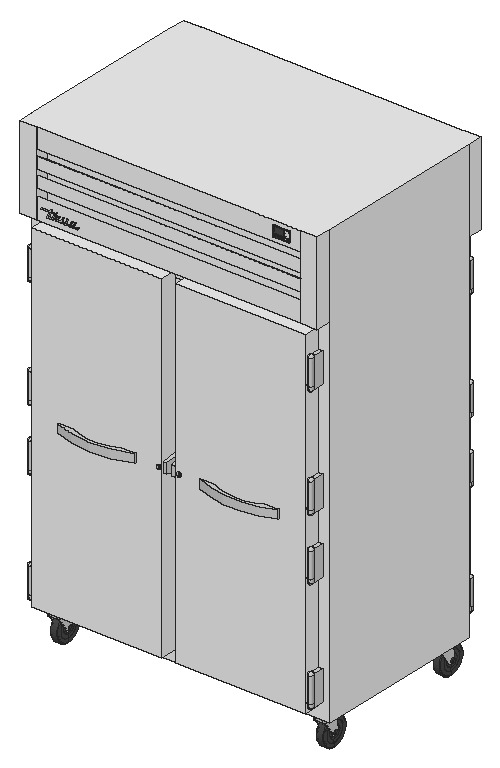
Revit family (continued)
Lines and regions (in)
  symbolic lines
    curve 29: arc (9.29375, 0, 0) -> (13.69375, 1.15816, 0) -> (18.09375, 0, 0) r 8.93715
    curve 30: arc (32.0375, 0.2, 0) -> (38.8375, 1.64405, 0) -> (45.6375, 0.2, 0) r 16.7325
    curve 31: line (32.0375, 0, 0) -> (32.0375, 0.2, 0)
    curve 32: line (45.6375, 0.2, 0) -> (45.6375, 0, 0)
    curve 33: arc (43.2375, 0, 0) -> (38.8375, 1.15816, 0) -> (34.4375, 0, 0) r 8.93715
    curve 38: arc (20.4, -36.325, 0) -> (13.44375, -37.83316, 0) -> (6.4875, -36.325, 0) r 16.7966
    curve 39: line (20.4, -36.125, 0) -> (20.4, -36.325, 0)
    curve 40: line (6.4875, -36.325, 0) -> (6.4875, -36.125, 0)
    curve 41: arc (8.8875, -36.125, 0) -> (13.44375, -37.36111, 0) -> (18, -36.125, 0) r 9.0151
    curve 42: arc (32.1625, -36.325, 0) -> (38.9625, -37.76905, 0) -> (45.7625, -36.325, 0) r 16.7325
    curve 43: line (32.1625, -36.125, 0) -> (32.1625, -36.325, 0)
    curve 44: line (45.7625, -36.325, 0) -> (45.7625, -36.125, 0)
    curve 45: arc (43.3625, -36.125, 0) -> (38.9625, -37.28316, 0) -> (34.5625, -36.125, 0) r 8.93715
    curve 46: line (52.625, -2.25, 0) -> (0, -2.25, 0)
  symbolic lines, style "SpecialityEquipmentHiddenLines", visible <- "Show Casters"
    curve 6: line (3.60602, -26.67571, 0) -> (5.06131, -27.42571, 0)
    curve 7: line (1.20097, -31.34243, 0) -> (3.60602, -26.67571, 0)
    curve 8: line (2.65626, -32.09243, 0) -> (1.20097, -31.34243, 0)
    curve 9: line (5.06131, -27.42571, 0) -> (2.65626, -32.09243, 0)
    curve 10: line (3.98222, -3.1708, 0) -> (5.43751, -4.09689, 0)
    curve 11: line (1.20097, -7.54134, 0) -> (3.98222, -3.1708, 0)
    curve 12: line (2.65626, -8.46743, 0) -> (1.20097, -7.54134, 0)
    curve 13: line (5.43751, -4.09689, 0) -> (2.65626, -8.46743, 0)
    curve 14: line (50.00722, -3.1708, 0) -> (51.30626, -3.9208, 0)
    curve 15: line (47.38222, -7.71743, 0) -> (50.00722, -3.1708, 0)
    curve 16: line (48.68126, -8.46743, 0) -> (47.38222, -7.71743, 0)
    curve 17: line (51.30626, -3.9208, 0) -> (48.68126, -8.46743, 0)
    curve 18: line (50.00722, -26.89987, 0) -> (51.30626, -27.64987, 0)
    curve 19: line (47.38222, -31.44651, 0) -> (50.00722, -26.89987, 0)
    curve 20: line (48.68126, -32.19651, 0) -> (47.38222, -31.44651, 0)
    curve 21: line (51.30626, -27.64987, 0) -> (48.68126, -32.19651, 0)
  symbolic lines, style "QF-Door Swings", visible <- "Show Clearance", detail levels coarse
    curve 22: line (50.53125, -36.125, 0) -> (50.53125, -59.0625, 0)
    curve 23: arc (50.53125, -59.0625, 0) -> (34.31199, -52.34426, 0) -> (27.59375, -36.125, 0) r 22.9375
    curve 24: line (2.25, -36.125, 0) -> (2.25, -59.0625, 0)
    curve 25: arc (2.25, -59.0625, 0) -> (18.46926, -52.34426, 0) -> (25.1875, -36.125, 0) r 22.9375
    curve 34: line (50.53125, 0, 0) -> (50.53125, 22.9375, 0)
    curve 35: arc (50.53125, 22.9375, 0) -> (34.31199, 16.21926, 0) -> (27.59375, 0, 0) r 22.9375
    curve 36: line (2.25, 0, 0) -> (2.25, 22.9375, 0)
    curve 37: arc (2.25, 22.9375, 0) -> (18.46926, 16.21926, 0) -> (25.1875, 0, 0) r 22.9375
Dimensions and locks (in)
  "Depth": plane 5 "FRONT" to plane 1 "BACK"
  plane 7 to level = 6 1/8"
  plane 6 "TOP" to level = 84 1/8"
  plane 6 "TOP" to plane 7 = 78"
  "Length": plane 3 "LEFT" to plane 4 "RIGHT"
  plane 4 "RIGHT" to plane 10 to plane 9 to plane 3 "LEFT" = 2 11/16", 46 15/16", 3"
  plane 4 "RIGHT" to plane 3 "LEFT" = 52 5/8"  (x3)
  equal spacing: plane 3 "LEFT", plane 12, plane 4 "RIGHT"
  equal spacing: plane 1 "BACK", plane 14, plane 5 "FRONT"
  cut or joined group of Extrusion 1, Extrusion 2, Extrusion 3, Extrusion 4, Extrusion 5 to cut or joined group of Extrusion 1, Extrusion 2, Extrusion 3, Extrusion 4, Extrusion 5 = 52 15/32"  (x2)
  Extrusion 92 to Extrusion 92 = 22 15/16"  (x2)
  Extrusion 94 to Extrusion 92 = 29 7/32"
  Extrusion 92 to Extrusion 94 = 29 7/32"
  Extrusion 93 to Extrusion 92 = 29 7/32"
  Extrusion 92 to Extrusion 93 = 29 7/32"
  Extrusion 60 to Extrusion 60 = 22 15/16"  (x2)
  Extrusion 60 to Extrusion 88 = 29 7/32"
  Extrusion 88 to Extrusion 60 = 29 7/32"
  Extrusion 60 to Extrusion 89 = 29 7/32"
  Extrusion 89 to Extrusion 60 = 29 7/32"
  aligned and locked: level to plane 2
Automatic sketch dimensions
  Extrusion 1 sketch curve to plane 3 "LEFT" = 0"
  Extrusion 1 sketch curve to plane 9 = 19/32"
  Extrusion 1 sketch curve to plane 5 "FRONT" = 2 3/4"
  plane 1 "BACK" to Extrusion 1 sketch curve = 2 3/4"
  Extrusion 2 sketch curve to plane 4 "RIGHT" = 0"
  plane 10 to Extrusion 2 sketch curve = 7/16"
  Extrusion 2 sketch curve to plane 5 "FRONT" = 2 3/4"
  plane 1 "BACK" to Extrusion 2 sketch curve = 2 3/4"
  Extrusion 3 sketch curve to plane 11 = 0"  (x4)
  Extrusion 3 sketch curve to plane 13 = 0"  (x4)
  Extrusion 3 sketch curve to plane 6 "TOP" = 0"
  plane 11 to Extrusion 3 sketch curve = 2.2042"
  Extrusion 3 sketch curve to Extrusion 3 sketch curve = 0"  (x3)
  Extrusion 3 sketch curve to plane 7 = 0"
  plane 11 to Extrusion 3 sketch curve = 2.7042"  (x2)
  plane 13 to Extrusion 3 sketch curve = 2.7042"  (x2)
  plane 13 to Extrusion 3 sketch curve = 2.2042"  (x2)
  plane 7 to Extrusion 3 sketch curve = 2 29/32"
  Extrusion 3 sketch curve to plane 6 "TOP" = 17 5/32"
  Extrusion 3 sketch curve to Extrusion 3 sketch curve = 2 17/32"  (x2)
  Extrusion 3 sketch curve to Extrusion 3 sketch curve = 2 1/8"  (x2)
  Extrusion 3 sketch curve to Extrusion 3 sketch curve = 1.27557"  (x4)
  Extrusion 3 sketch curve to Extrusion 3 sketch curve = 0.29169"  (x2)
  Extrusion 3 sketch curve to Extrusion 3 sketch curve = 2.0962"  (x4)
  Extrusion 3 sketch curve to Extrusion 3 sketch curve = 0.96076"  (x4)
  Extrusion 3 sketch curve to Extrusion 3 sketch curve = 2.13371"  (x4)
  Extrusion 3 sketch curve to Extrusion 3 sketch curve = 1.12227"  (x4)
  plane 1 "BACK" to Extrusion 4 sketch curve = 0"
  plane 5 "FRONT" to Extrusion 4 sketch curve = 0"
  Extrusion 4 sketch curve to plane 10 = 0.27718"  (x2)
  Extrusion 4 sketch curve to plane 4 "RIGHT" = 5/64"  (x2)
  Extrusion 4 sketch curve to plane 5 "FRONT" = 2 3/4"
  Extrusion 4 sketch curve to Extrusion 4 sketch curve = 2 3/4"
  plane 1 "BACK" to Extrusion 5 sketch curve = 0"
  plane 5 "FRONT" to Extrusion 5 sketch curve = 0"
  plane 3 "LEFT" to Extrusion 5 sketch curve = 5/64"  (x2)
  plane 9 to Extrusion 5 sketch curve = 0.08484"  (x2)
  Extrusion 5 sketch curve to plane 5 "FRONT" = 2 3/4"
  Extrusion 5 sketch curve to Extrusion 5 sketch curve = 2 3/4"
  Extrusion 6 sketch curve to plane 12 = 1 181/256"
  Extrusion 6 sketch curve to Extrusion 6 sketch curve = 9/256"
  Extrusion 6 sketch curve to Extrusion 6 sketch curve = 0.0555"  (x2)
  Extrusion 6 sketch curve to plane 8 = 1.85465"
  Extrusion 6 sketch curve to Extrusion 6 sketch curve = 0.02035"
  plane 7 to Extrusion 6 sketch curve = 31.64395"
  Extrusion 6 sketch curve to Extrusion 6 sketch curve = 0"
  Extrusion 6 sketch curve to Extrusion 6 sketch curve = 0.29355"  (x2)
  Extrusion 6 sketch curve to Extrusion 6 sketch curve = 0.27385"  (x2)
  plane 9 to Extrusion 7 sketch curve = 0.84582"
  Extrusion 7 sketch curve to Extrusion 7 sketch curve = 0.10565"  (x5)
  Extrusion 7 sketch curve to Extrusion 7 sketch curve = 1.03891"
  Extrusion 7 sketch curve to Extrusion 7 sketch curve = 0.04606"
  Extrusion 7 sketch curve to Extrusion 7 sketch curve = 0.04025"
  Extrusion 7 sketch curve to Extrusion 7 sketch curve = 0.33624"
  Extrusion 7 sketch curve to Extrusion 7 sketch curve = 0.03034"  (x2)
  Extrusion 7 sketch curve to Extrusion 7 sketch curve = 0.29274"
  Extrusion 7 sketch curve to Extrusion 7 sketch curve = 0.03232"
  Extrusion 7 sketch curve to Extrusion 7 sketch curve = 0.08083"
  Extrusion 7 sketch curve to Extrusion 7 sketch curve = 0.1527"
  Extrusion 7 sketch curve to Extrusion 7 sketch curve = 0.19721"
  Extrusion 7 sketch curve to Extrusion 7 sketch curve = 0.4629"
  Extrusion 7 sketch curve to Extrusion 7 sketch curve = 0.02197"
  Extrusion 7 sketch curve to Extrusion 7 sketch curve = 0.12632"
  Extrusion 7 sketch curve to Extrusion 7 sketch curve = 0.18591"
  Extrusion 7 sketch curve to Extrusion 7 sketch curve = 0.2322"
  Extrusion 7 sketch curve to Extrusion 7 sketch curve = 0.13786"
  Extrusion 7 sketch curve to Extrusion 7 sketch curve = 0.00907"
  Extrusion 7 sketch curve to Extrusion 7 sketch curve = 0.01413"
  Extrusion 7 sketch curve to Extrusion 7 sketch curve = 0.37162"
  Extrusion 7 sketch curve to Extrusion 7 sketch curve = 0.12551"
  Extrusion 7 sketch curve to Extrusion 7 sketch curve = 0.07633"
  Extrusion 7 sketch curve to Extrusion 7 sketch curve = 0.08445"
  Extrusion 7 sketch curve to Extrusion 7 sketch curve = 0.25598"
  Extrusion 7 sketch curve to Extrusion 7 sketch curve = 0.01887"
  Extrusion 7 sketch curve to Extrusion 7 sketch curve = 0.04061"
  Extrusion 7 sketch curve to Extrusion 7 sketch curve = 0.0653"
  Extrusion 7 sketch curve to Extrusion 7 sketch curve = 0.08474"
  Extrusion 7 sketch curve to Extrusion 7 sketch curve = 0.00815"
  Extrusion 7 sketch curve to Extrusion 7 sketch curve = 0.22037"
  Extrusion 7 sketch curve to Extrusion 7 sketch curve = 0.21921"
  Extrusion 7 sketch curve to Extrusion 7 sketch curve = 0.11572"
  Extrusion 7 sketch curve to Extrusion 7 sketch curve = 0.46643"
  Extrusion 7 sketch curve to Extrusion 7 sketch curve = 0.00535"
  Extrusion 7 sketch curve to Extrusion 7 sketch curve = 0.09269"
  Extrusion 7 sketch curve to Extrusion 7 sketch curve = 0.09348"
  Extrusion 7 sketch curve to Extrusion 7 sketch curve = 0.14812"
  Extrusion 7 sketch curve to Extrusion 7 sketch curve = 0.07778"  (x3)
  Extrusion 7 sketch curve to Extrusion 7 sketch curve = 0.20054"
  Extrusion 7 sketch curve to Extrusion 7 sketch curve = 0.04325"
  Extrusion 7 sketch curve to Extrusion 7 sketch curve = 0.32433"
  Extrusion 7 sketch curve to Extrusion 7 sketch curve = 0.10233"  (x2)
  Extrusion 7 sketch curve to Extrusion 7 sketch curve = 0.16515"
  Extrusion 7 sketch curve to Extrusion 7 sketch curve = 0.27321"
  Extrusion 7 sketch curve to Extrusion 7 sketch curve = 0.0526"
  Extrusion 7 sketch curve to Extrusion 7 sketch curve = 0.10005"
  Extrusion 7 sketch curve to Extrusion 7 sketch curve = 0.06912"
  Extrusion 7 sketch curve to Extrusion 7 sketch curve = 0.13276"
  Extrusion 7 sketch curve to Extrusion 7 sketch curve = 0.17486"
  Extrusion 7 sketch curve to Extrusion 7 sketch curve = 0.05291"
  Extrusion 7 sketch curve to Extrusion 7 sketch curve = 0.53374"
  Extrusion 7 sketch curve to Extrusion 7 sketch curve = 0.09914"  (x2)
  Extrusion 7 sketch curve to Extrusion 7 sketch curve = 0.15992"
  Extrusion 7 sketch curve to Extrusion 7 sketch curve = 0.46666"
  Extrusion 7 sketch curve to Extrusion 7 sketch curve = 0.00582"
  Extrusion 7 sketch curve to Extrusion 7 sketch curve = 0.08216"
  Extrusion 7 sketch curve to Extrusion 7 sketch curve = 0.16397"
  Extrusion 7 sketch curve to Extrusion 7 sketch curve = 0.12601"
  Extrusion 7 sketch curve to Extrusion 7 sketch curve = 0.1363"
  Extrusion 7 sketch curve to Extrusion 7 sketch curve = 0.02323"
  Extrusion 7 sketch curve to Extrusion 7 sketch curve = 0.03844"
  Extrusion 7 sketch curve to Extrusion 7 sketch curve = 0.0454"
  Extrusion 7 sketch curve to Extrusion 7 sketch curve = 0.05693"
  Extrusion 7 sketch curve to Extrusion 7 sketch curve = 0.0917"
  Extrusion 7 sketch curve to Extrusion 7 sketch curve = 0.01902"
  Extrusion 7 sketch curve to Extrusion 7 sketch curve = 0.02191"
  Extrusion 7 sketch curve to Extrusion 7 sketch curve = 0.0347"
  Extrusion 7 sketch curve to Extrusion 7 sketch curve = 0.06385"
  Extrusion 7 sketch curve to Extrusion 7 sketch curve = 0.02906"
  Extrusion 7 sketch curve to Extrusion 7 sketch curve = 0.02851"
  Extrusion 7 sketch curve to Extrusion 7 sketch curve = 0.29237"
  Extrusion 7 sketch curve to Extrusion 7 sketch curve = 0.00537"
  Extrusion 7 sketch curve to Extrusion 7 sketch curve = 0.0406"
  Extrusion 7 sketch curve to Extrusion 7 sketch curve = 0.04327"
  Extrusion 7 sketch curve to Extrusion 7 sketch curve = 0.02615"
  Extrusion 7 sketch curve to Extrusion 7 sketch curve = 0.11806"
  Extrusion 7 sketch curve to Extrusion 7 sketch curve = 0.15103"
  Extrusion 7 sketch curve to Extrusion 7 sketch curve = 0.10007"
  Extrusion 7 sketch curve to Extrusion 7 sketch curve = 0.5254"
  Extrusion 7 sketch curve to Extrusion 7 sketch curve = 0.14787"
  Extrusion 7 sketch curve to plane 6 "TOP" = 13.64562"
  Extrusion 7 sketch curve to Extrusion 7 sketch curve = 0.07275"
  Extrusion 7 sketch curve to Extrusion 7 sketch curve = 0.05776"
  Extrusion 7 sketch curve to Extrusion 7 sketch curve = 0.08631"
  Extrusion 7 sketch curve to Extrusion 7 sketch curve = 0.09282"
  Extrusion 7 sketch curve to Extrusion 7 sketch curve = 0.13018"
  Extrusion 7 sketch curve to Extrusion 7 sketch curve = 0.16714"
  Extrusion 7 sketch curve to Extrusion 7 sketch curve = 0.11061"
  Extrusion 7 sketch curve to Extrusion 7 sketch curve = 0.06046"
  Extrusion 7 sketch curve to Extrusion 7 sketch curve = 0.16548"
  Extrusion 7 sketch curve to Extrusion 7 sketch curve = 0.14279"
  Extrusion 7 sketch curve to Extrusion 7 sketch curve = 0.0496"
  Extrusion 7 sketch curve to Extrusion 7 sketch curve = 0.07293"
  Extrusion 7 sketch curve to Extrusion 7 sketch curve = 0.07764"
  Extrusion 7 sketch curve to Extrusion 7 sketch curve = 0.03794"
  Extrusion 7 sketch curve to Extrusion 7 sketch curve = 0.08552"
  Extrusion 7 sketch curve to Extrusion 7 sketch curve = 0.09296"
  Extrusion 7 sketch curve to Extrusion 7 sketch curve = 0.09314"
  Extrusion 7 sketch curve to Extrusion 7 sketch curve = 0.02781"
  Extrusion 7 sketch curve to Extrusion 7 sketch curve = 0.04981"
  Extrusion 7 sketch curve to Extrusion 7 sketch curve = 0.09315"
  Extrusion 7 sketch curve to Extrusion 7 sketch curve = 0.04799"
  Extrusion 7 sketch curve to Extrusion 7 sketch curve = 0.02531"
  Extrusion 7 sketch curve to Extrusion 7 sketch curve = 0.03054"
  Extrusion 7 sketch curve to Extrusion 7 sketch curve = 0.2589"
  Extrusion 7 sketch curve to Extrusion 7 sketch curve = 0.0674"
  Extrusion 7 sketch curve to Extrusion 7 sketch curve = 0.0324"
  Extrusion 7 sketch curve to Extrusion 7 sketch curve = 0.26185"
  Extrusion 7 sketch curve to Extrusion 7 sketch curve = 11/256"
  Extrusion 7 sketch curve to Extrusion 7 sketch curve = 0.07366"
  Extrusion 7 sketch curve to Extrusion 7 sketch curve = 0.02187"
  Extrusion 7 sketch curve to Extrusion 7 sketch curve = 0.06479"
  Extrusion 7 sketch curve to Extrusion 7 sketch curve = 0.01183"
  Extrusion 7 sketch curve to Extrusion 7 sketch curve = 0.05778"
  Extrusion 7 sketch curve to Extrusion 7 sketch curve = 0.53375"
  Extrusion 7 sketch curve to Extrusion 7 sketch curve = 0.23098"
  Extrusion 7 sketch curve to Extrusion 7 sketch curve = 0"
  Extrusion 7 sketch curve to Extrusion 7 sketch curve = 0.05045"
  Extrusion 7 sketch curve to Extrusion 7 sketch curve = 0.09139"
  Extrusion 7 sketch curve to Extrusion 7 sketch curve = 29/128"  (x3)
  Extrusion 8 sketch curve to plane 10 = 13/32"
  Extrusion 8 sketch curve to plane 6 "TOP" = 2 1/8"
  Blend 9 sketch curve to plane 12 = 1 1/8"  (x2)
  Blend 9 sketch curve to plane 12 = 3/8"
  plane 7 to Blend 9 sketch curve = 31.11669"
  Blend 9 sketch curve to Blend 9 sketch curve = 1 3/4"
  Blend 9 sketch curve to plane 12 = 0.19277"
  plane 7 to Blend 9 sketch curve = 30.5191"
  Blend 9 sketch curve to Blend 9 sketch curve = 2.78233"
  Blend 10 sketch curve to plane 8 = 1 9/32"
  Blend 10 sketch curve to plane 8 = 17/32"
  plane 7 to Blend 10 sketch curve = 32.86669"
  Blend 10 sketch curve to Blend 10 sketch curve = 1 3/4"
  plane 8 to Blend 10 sketch curve = 1 9/32"
  plane 8 to Blend 10 sketch curve = 0.34902"
  Blend 10 sketch curve to plane 7 = 30.5191"
  Blend 10 sketch curve to Blend 10 sketch curve = 2.78233"
  Extrusion 11 sketch curve to plane 5 "FRONT" = 1/2"
  Extrusion 11 sketch curve to Extrusion 11 sketch curve = 0.43503"
  Extrusion 11 sketch curve to Extrusion 11 sketch curve = 0.20453"
  Extrusion 11 sketch curve to Extrusion 11 sketch curve = 1.61044"
  Extrusion 11 sketch curve to plane 6 "TOP" = 24.88873"
  Extrusion 11 sketch curve to Extrusion 11 sketch curve = 0.71221"
  Extrusion 11 sketch curve to Extrusion 11 sketch curve = 4.39928"
  Revolve 12 sketch curve to plane 5 "FRONT" = 0.07771"  (x2)
  Revolve 12 sketch curve to Revolve 12 sketch curve = 0.38242"
  Revolve 12 sketch curve to Revolve 12 sketch curve = 0.38436"
  Revolve 12 sketch curve to plane 5 "FRONT" = 31/64"
  Revolve 12 sketch curve to Revolve 12 sketch curve = 0.40666"
  Revolve 12 sketch curve to Revolve 12 sketch curve = 0"
  Revolve 12 sketch curve to plane 6 "TOP" = 25.07719"
  Revolve 12 sketch curve to Revolve 12 sketch curve = 0.32931"
  Revolve 12 sketch curve to Revolve 12 sketch curve = 0.51246"
  Revolve 12 sketch curve to Revolve 12 sketch curve = 0.05342"
  Revolve 12 sketch curve to Revolve 12 sketch curve = 4.42889"
  Revolve 12 sketch curve to Revolve 12 sketch curve = 0.04281"
  Revolve 12 sketch curve to Revolve 12 sketch curve = 0.18929"
  Revolve 12 sketch curve to Revolve 12 sketch curve = 0.55526"
  Extrusion 13 sketch curve to plane 9 = 1.14759"
  Extrusion 13 sketch curve to Extrusion 13 sketch curve = 0.39759"
  Extrusion 13 sketch curve to plane 6 "TOP" = 24.12421"
  Extrusion 13 sketch curve to Extrusion 13 sketch curve = 4.47281"
  Extrusion 14 sketch curve to plane 5 "FRONT" = 1/2"
  Extrusion 14 sketch curve to Extrusion 14 sketch curve = 0.43503"
  Extrusion 14 sketch curve to Extrusion 14 sketch curve = 0.20453"
  Extrusion 14 sketch curve to Extrusion 14 sketch curve = 1.61044"
  plane 7 to Extrusion 14 sketch curve = 33.61127"
  Extrusion 14 sketch curve to Extrusion 14 sketch curve = 0.71221"
  Extrusion 14 sketch curve to Extrusion 14 sketch curve = 4.39928"
  Revolve 15 sketch curve to plane 5 "FRONT" = 0.07771"  (x2)
  Revolve 15 sketch curve to Revolve 15 sketch curve = 0.38242"
  Revolve 15 sketch curve to Revolve 15 sketch curve = 0.38436"
  Revolve 15 sketch curve to plane 5 "FRONT" = 31/64"
  Revolve 15 sketch curve to Revolve 15 sketch curve = 0.40666"
  Revolve 15 sketch curve to Revolve 15 sketch curve = 0"
  plane 7 to Revolve 15 sketch curve = 33.42281"
  Revolve 15 sketch curve to Revolve 15 sketch curve = 0.32931"
  Revolve 15 sketch curve to Revolve 15 sketch curve = 0.51246"
  Revolve 15 sketch curve to Revolve 15 sketch curve = 0.05342"
  Revolve 15 sketch curve to Revolve 15 sketch curve = 4.42889"
  Revolve 15 sketch curve to Revolve 15 sketch curve = 0.04281"
  Revolve 15 sketch curve to Revolve 15 sketch curve = 0.18929"
  Revolve 15 sketch curve to Revolve 15 sketch curve = 0.55526"
  Extrusion 16 sketch curve to plane 9 = 1.14759"
  Extrusion 16 sketch curve to Extrusion 16 sketch curve = 0.39759"
  plane 7 to Extrusion 16 sketch curve = 34.37579"
  Extrusion 16 sketch curve to Extrusion 16 sketch curve = 4.47281"
  Extrusion 17 sketch curve to plane 5 "FRONT" = 1/2"
  Extrusion 17 sketch curve to Extrusion 17 sketch curve = 0.43503"
  Extrusion 17 sketch curve to Extrusion 17 sketch curve = 0.20453"
  Extrusion 17 sketch curve to Extrusion 17 sketch curve = 1.61044"
  plane 7 to Extrusion 17 sketch curve = 22.61127"
  Extrusion 17 sketch curve to Extrusion 17 sketch curve = 0.71221"
  Extrusion 17 sketch curve to Extrusion 17 sketch curve = 4.39928"
  Revolve 18 sketch curve to plane 5 "FRONT" = 0.07771"  (x2)
  Revolve 18 sketch curve to Revolve 18 sketch curve = 0.38242"
  Revolve 18 sketch curve to Revolve 18 sketch curve = 0.38436"
  Revolve 18 sketch curve to plane 5 "FRONT" = 31/64"
  Revolve 18 sketch curve to Revolve 18 sketch curve = 0.40666"
  Revolve 18 sketch curve to Revolve 18 sketch curve = 0"
  plane 7 to Revolve 18 sketch curve = 22.42281"
  Revolve 18 sketch curve to Revolve 18 sketch curve = 0.32931"
  Revolve 18 sketch curve to Revolve 18 sketch curve = 0.51246"
  Revolve 18 sketch curve to Revolve 18 sketch curve = 0.05342"
  Revolve 18 sketch curve to Revolve 18 sketch curve = 4.42889"
  Revolve 18 sketch curve to Revolve 18 sketch curve = 0.04281"
  Revolve 18 sketch curve to Revolve 18 sketch curve = 0.18929"
  Revolve 18 sketch curve to Revolve 18 sketch curve = 0.55526"
  Extrusion 19 sketch curve to plane 9 = 1.14759"
  Extrusion 19 sketch curve to Extrusion 19 sketch curve = 0.39759"
  plane 7 to Extrusion 19 sketch curve = 23.37579"
  Extrusion 19 sketch curve to Extrusion 19 sketch curve = 4.47281"
  Extrusion 20 sketch curve to plane 5 "FRONT" = 1/2"
  Extrusion 20 sketch curve to Extrusion 20 sketch curve = 0.43503"
  Extrusion 20 sketch curve to Extrusion 20 sketch curve = 0.20453"
  Extrusion 20 sketch curve to Extrusion 20 sketch curve = 1.61044"
  plane 7 to Extrusion 20 sketch curve = 2.86127"
  Extrusion 20 sketch curve to Extrusion 20 sketch curve = 0.71221"
  Extrusion 20 sketch curve to Extrusion 20 sketch curve = 4.39928"
  Revolve 21 sketch curve to plane 5 "FRONT" = 0.07771"  (x2)
  Revolve 21 sketch curve to Revolve 21 sketch curve = 0.38242"
  Revolve 21 sketch curve to Revolve 21 sketch curve = 0.38436"
  Revolve 21 sketch curve to plane 5 "FRONT" = 31/64"
  Revolve 21 sketch curve to Revolve 21 sketch curve = 0.40666"
  Revolve 21 sketch curve to Revolve 21 sketch curve = 0"
  plane 7 to Revolve 21 sketch curve = 2.67281"
  Revolve 21 sketch curve to Revolve 21 sketch curve = 0.32931"
  Revolve 21 sketch curve to Revolve 21 sketch curve = 0.51246"
  Revolve 21 sketch curve to Revolve 21 sketch curve = 0.05342"
  Revolve 21 sketch curve to Revolve 21 sketch curve = 4.42889"
  Revolve 21 sketch curve to Revolve 21 sketch curve = 0.04281"
  Revolve 21 sketch curve to Revolve 21 sketch curve = 0.18929"
  Revolve 21 sketch curve to Revolve 21 sketch curve = 0.55526"
  Extrusion 22 sketch curve to plane 9 = 1.14759"
  Extrusion 22 sketch curve to Extrusion 22 sketch curve = 0.39759"
  plane 7 to Extrusion 22 sketch curve = 3.62579"
  Extrusion 22 sketch curve to Extrusion 22 sketch curve = 4.47281"
  Extrusion 23 sketch curve to plane 5 "FRONT" = 1/2"
  Extrusion 23 sketch curve to Extrusion 23 sketch curve = 0.43503"
  Extrusion 23 sketch curve to Extrusion 23 sketch curve = 0.20453"
  Extrusion 23 sketch curve to Extrusion 23 sketch curve = 1.61044"
  Extrusion 23 sketch curve to plane 6 "TOP" = 19.57271"
  Extrusion 23 sketch curve to Extrusion 23 sketch curve = 4.39928"
  Extrusion 23 sketch curve to Extrusion 23 sketch curve = 0.71221"
  Revolve 24 sketch curve to plane 5 "FRONT" = 0.07771"  (x2)
  Revolve 24 sketch curve to Revolve 24 sketch curve = 0.38242"
  Revolve 24 sketch curve to Revolve 24 sketch curve = 0.38436"
  Revolve 24 sketch curve to plane 5 "FRONT" = 31/64"
  Revolve 24 sketch curve to Revolve 24 sketch curve = 0.40666"
  Revolve 24 sketch curve to Revolve 24 sketch curve = 0"
  Revolve 24 sketch curve to plane 6 "TOP" = 18.75492"
  Revolve 24 sketch curve to Revolve 24 sketch curve = 0.55526"
  Revolve 24 sketch curve to Revolve 24 sketch curve = 0.19474"
  Revolve 24 sketch curve to Revolve 24 sketch curve = 0.14649"
  Revolve 24 sketch curve to Revolve 24 sketch curve = 4.42889"
  Revolve 24 sketch curve to Revolve 24 sketch curve = 0.05342"
  Revolve 24 sketch curve to Revolve 24 sketch curve = 0.51246"
  Revolve 24 sketch curve to Revolve 24 sketch curve = 0.05889"
  plane 10 to Extrusion 25 sketch curve = 1.14759"
  Extrusion 25 sketch curve to Extrusion 25 sketch curve = 0.39759"
  Extrusion 25 sketch curve to plane 6 "TOP" = 19.6514"
  Extrusion 25 sketch curve to Extrusion 25 sketch curve = 4.47281"
  Extrusion 26 sketch curve to plane 5 "FRONT" = 1/2"
  Extrusion 26 sketch curve to Extrusion 26 sketch curve = 0.43503"
  Extrusion 26 sketch curve to Extrusion 26 sketch curve = 0.20453"
  Extrusion 26 sketch curve to Extrusion 26 sketch curve = 1.61044"
  plane 7 to Extrusion 26 sketch curve = 38.92729"
  Extrusion 26 sketch curve to Extrusion 26 sketch curve = 4.39928"
  Extrusion 26 sketch curve to Extrusion 26 sketch curve = 0.71221"
  Revolve 27 sketch curve to plane 5 "FRONT" = 0.07771"  (x2)
  Revolve 27 sketch curve to Revolve 27 sketch curve = 0.38242"
  Revolve 27 sketch curve to Revolve 27 sketch curve = 0.38436"
  Revolve 27 sketch curve to plane 5 "FRONT" = 31/64"
  Revolve 27 sketch curve to Revolve 27 sketch curve = 0.40666"
  Revolve 27 sketch curve to Revolve 27 sketch curve = 0"
  Revolve 27 sketch curve to plane 6 "TOP" = 38.25492"
  Revolve 27 sketch curve to Revolve 27 sketch curve = 0.55526"
  Revolve 27 sketch curve to Revolve 27 sketch curve = 0.19474"
  Revolve 27 sketch curve to Revolve 27 sketch curve = 0.14649"
  Revolve 27 sketch curve to Revolve 27 sketch curve = 4.42889"
  Revolve 27 sketch curve to Revolve 27 sketch curve = 0.05342"
  Revolve 27 sketch curve to Revolve 27 sketch curve = 0.51246"
  Revolve 27 sketch curve to Revolve 27 sketch curve = 0.05889"
  plane 10 to Extrusion 28 sketch curve = 1.14759"
  Extrusion 28 sketch curve to Extrusion 28 sketch curve = 0.39759"
  plane 7 to Extrusion 28 sketch curve = 38.8486"
  Extrusion 28 sketch curve to Extrusion 28 sketch curve = 4.47281"
  Extrusion 29 sketch curve to plane 5 "FRONT" = 1/2"
  Extrusion 29 sketch curve to Extrusion 29 sketch curve = 0.43503"
  Extrusion 29 sketch curve to Extrusion 29 sketch curve = 0.20453"
  Extrusion 29 sketch curve to Extrusion 29 sketch curve = 1.61044"
  plane 7 to Extrusion 29 sketch curve = 27.92729"
  Extrusion 29 sketch curve to Extrusion 29 sketch curve = 4.39928"
  Extrusion 29 sketch curve to Extrusion 29 sketch curve = 0.71221"
  Revolve 30 sketch curve to plane 5 "FRONT" = 0.07771"  (x2)
  Revolve 30 sketch curve to Revolve 30 sketch curve = 0.38242"
  Revolve 30 sketch curve to Revolve 30 sketch curve = 0.38436"
  Revolve 30 sketch curve to plane 5 "FRONT" = 31/64"
  Revolve 30 sketch curve to Revolve 30 sketch curve = 0.40666"
  Revolve 30 sketch curve to Revolve 30 sketch curve = 0"
  plane 7 to Revolve 30 sketch curve = 28.74508"
  Revolve 30 sketch curve to Revolve 30 sketch curve = 0.55526"
  Revolve 30 sketch curve to Revolve 30 sketch curve = 0.19474"
  Revolve 30 sketch curve to Revolve 30 sketch curve = 0.14649"
  Revolve 30 sketch curve to Revolve 30 sketch curve = 4.42889"
  Revolve 30 sketch curve to Revolve 30 sketch curve = 0.05342"
  Revolve 30 sketch curve to Revolve 30 sketch curve = 0.51246"
  Revolve 30 sketch curve to Revolve 30 sketch curve = 0.05889"
  plane 10 to Extrusion 31 sketch curve = 1.14759"
  Extrusion 31 sketch curve to Extrusion 31 sketch curve = 0.39759"
  plane 7 to Extrusion 31 sketch curve = 27.8486"
  Extrusion 31 sketch curve to Extrusion 31 sketch curve = 4.47281"
  Extrusion 32 sketch curve to plane 5 "FRONT" = 1/2"
  Extrusion 32 sketch curve to Extrusion 32 sketch curve = 0.43503"
  Extrusion 32 sketch curve to Extrusion 32 sketch curve = 0.20453"
  Extrusion 32 sketch curve to Extrusion 32 sketch curve = 1.61044"
  plane 7 to Extrusion 32 sketch curve = 8.17729"
  plane 7 to Extrusion 32 sketch curve = 3.57348"
  Extrusion 32 sketch curve to Extrusion 32 sketch curve = 0.71221"
  Revolve 33 sketch curve to plane 5 "FRONT" = 0.07771"  (x2)
  Revolve 33 sketch curve to Revolve 33 sketch curve = 0.38242"
  Revolve 33 sketch curve to Revolve 33 sketch curve = 0.38436"
  Revolve 33 sketch curve to plane 5 "FRONT" = 31/64"
  Revolve 33 sketch curve to Revolve 33 sketch curve = 0.40666"
  Revolve 33 sketch curve to Revolve 33 sketch curve = 0"
  plane 7 to Revolve 33 sketch curve = 8.99508"
  Revolve 33 sketch curve to Revolve 33 sketch curve = 0.55526"
  Revolve 33 sketch curve to Revolve 33 sketch curve = 0.19474"
  Revolve 33 sketch curve to Revolve 33 sketch curve = 0.14649"
  plane 7 to Revolve 33 sketch curve = 3.62689"
  Revolve 33 sketch curve to Revolve 33 sketch curve = 0.05342"
  Revolve 33 sketch curve to Revolve 33 sketch curve = 0.51246"
  Revolve 33 sketch curve to Revolve 33 sketch curve = 0.05889"
  plane 10 to Extrusion 34 sketch curve = 1.14759"
  Extrusion 34 sketch curve to Extrusion 34 sketch curve = 0.39759"
  plane 7 to Extrusion 34 sketch curve = 8.0986"
  plane 7 to Extrusion 34 sketch curve = 3.62579"
  Revolve 35 sketch curve to plane 10 = 1.50773"
  Revolve 35 sketch curve to Revolve 35 sketch curve = 0.48273"
  Revolve 35 sketch curve to plane 10 = 5/8"  (x2)
  Revolve 35 sketch curve to Revolve 35 sketch curve = 0.1"  (x2)
  Revolve 35 sketch curve to Revolve 35 sketch curve = 0.16101"
  plane 10 to Revolve 35 sketch curve = 0.12908"
  plane 10 to Revolve 35 sketch curve = 0.46399"
  plane 10 to Revolve 35 sketch curve = 0.525"
  Revolve 35 sketch curve to Revolve 35 sketch curve = 1/2"
  Revolve 35 sketch curve to Revolve 35 sketch curve = 0.16509"
  Revolve 35 sketch curve to Revolve 35 sketch curve = 0.39592"
  level to Revolve 35 sketch curve = 2 1/2"
  Revolve 35 sketch curve to Revolve 35 sketch curve = 0"
  Revolve 35 sketch curve to Revolve 35 sketch curve = 0.29941"  (x2)
  Revolve 35 sketch curve to Revolve 35 sketch curve = 3/4"  (x4)
  Revolve 35 sketch curve to Revolve 35 sketch curve = 0.59652"
  Revolve 35 sketch curve to Revolve 35 sketch curve = 0.60059"
  Extrusion 36 sketch curve to plane 7 = 0.63926"  (x2)
  Extrusion 36 sketch curve to plane 5 "FRONT" = 3.79864"
  Extrusion 36 sketch curve to Extrusion 36 sketch curve = 1/4"  (x2)
  level to Extrusion 36 sketch curve = 2.18736"  (x2)
  Extrusion 36 sketch curve to Extrusion 36 sketch curve = 1.7492"
  Extrusion 36 sketch curve to Extrusion 36 sketch curve = 0.50669"  (x2)
  Extrusion 36 sketch curve to Extrusion 36 sketch curve = 2 1/2"
  level to Extrusion 36 sketch curve = 2.59003"
  Extrusion 36 sketch curve to Extrusion 36 sketch curve = 0.59966"  (x2)
  plane 1 "BACK" to Extrusion 36 sketch curve = 6.6077"
  plane 1 "BACK" to Extrusion 36 sketch curve = 4.6085"
  plane 1 "BACK" to Extrusion 36 sketch curve = 3.8577"
  Extrusion 36 sketch curve to Extrusion 36 sketch curve = 0.32905"
  Extrusion 36 sketch curve to Extrusion 36 sketch curve = 0.60485"  (x2)
  Extrusion 37 sketch curve to plane 7 = 0.63926"  (x2)
  Extrusion 37 sketch curve to plane 5 "FRONT" = 3.79864"
  Extrusion 37 sketch curve to Extrusion 37 sketch curve = 1/4"  (x2)
  level to Extrusion 37 sketch curve = 2.18736"  (x2)
  Extrusion 37 sketch curve to Extrusion 37 sketch curve = 1.7492"
  Extrusion 37 sketch curve to Extrusion 37 sketch curve = 0.50669"  (x2)
  Extrusion 37 sketch curve to Extrusion 37 sketch curve = 2 1/2"
  level to Extrusion 37 sketch curve = 2.59003"
  Extrusion 37 sketch curve to Extrusion 37 sketch curve = 0.59966"  (x2)
  plane 1 "BACK" to Extrusion 37 sketch curve = 6.6077"
  plane 1 "BACK" to Extrusion 37 sketch curve = 4.6085"
  plane 1 "BACK" to Extrusion 37 sketch curve = 3.8577"
  Extrusion 37 sketch curve to Extrusion 37 sketch curve = 0.32905"
  Extrusion 37 sketch curve to Extrusion 37 sketch curve = 0.60485"  (x2)
  Revolve 38 sketch curve to plane 10 = 0"  (x2)
  Revolve 38 sketch curve to plane 7 = 0.62954"
  Revolve 38 sketch curve to plane 10 = 1.29707"
  Revolve 38 sketch curve to Revolve 38 sketch curve = 0.10278"
  Revolve 38 sketch curve to plane 7 = 0.00141"
  plane 7 to Revolve 38 sketch curve = 0.26768"
  Revolve 39 sketch curve to level = 0"
  Revolve 39 sketch curve to plane 10 = 0"  (x2)
  Revolve 39 sketch curve to plane 10 = 1/2"
  Revolve 39 sketch curve to Revolve 39 sketch curve = 1/4"
  Revolve 39 sketch curve to plane 7 = 0"
  Revolve 39 sketch curve to Revolve 39 sketch curve = 1.33338"
  level to Revolve 39 sketch curve = 1"
  Revolve 39 sketch curve to Revolve 39 sketch curve = 5/8"
  plane 7 to Revolve 39 sketch curve = 1 25/32"
  Revolve 40 sketch curve to level = 0"
  Revolve 40 sketch curve to plane 10 = 0"  (x2)
  Revolve 40 sketch curve to plane 10 = 1/2"
  Revolve 40 sketch curve to Revolve 40 sketch curve = 1/4"
  Revolve 40 sketch curve to plane 7 = 0"
  Revolve 40 sketch curve to Revolve 40 sketch curve = 1.33338"
  level to Revolve 40 sketch curve = 1"
  Revolve 40 sketch curve to Revolve 40 sketch curve = 5/8"
  plane 7 to Revolve 40 sketch curve = 1 25/32"
  Revolve 41 sketch curve to plane 10 = 0"  (x2)
  Revolve 41 sketch curve to plane 7 = 0.62954"
  Revolve 41 sketch curve to plane 10 = 1.29707"
  Revolve 41 sketch curve to Revolve 41 sketch curve = 0.10278"
  Revolve 41 sketch curve to plane 7 = 0.00141"
  plane 7 to Revolve 41 sketch curve = 0.26768"
  Extrusion 42 sketch curve to plane 7 = 0.63926"  (x2)
  Extrusion 42 sketch curve to plane 5 "FRONT" = 3.79864"
  Extrusion 42 sketch curve to Extrusion 42 sketch curve = 1/4"  (x2)
  Extrusion 42 sketch curve to Extrusion 42 sketch curve = 2 1/2"
  Extrusion 42 sketch curve to plane 7 = 0.93273"  (x2)
  Extrusion 42 sketch curve to Extrusion 42 sketch curve = 0.03603"
  plane 1 "BACK" to Extrusion 42 sketch curve = 6.6077"
  Extrusion 42 sketch curve to plane 7 = 1.24411"
  plane 1 "BACK" to Extrusion 42 sketch curve = 3.8577"
  Revolve 43 sketch curve to plane 10 = 1.50773"
  Revolve 43 sketch curve to Revolve 43 sketch curve = 0.48273"
  Revolve 43 sketch curve to plane 10 = 5/8"  (x2)
  Revolve 43 sketch curve to Revolve 43 sketch curve = 0.1"  (x2)
  Revolve 43 sketch curve to Revolve 43 sketch curve = 0.16101"
  plane 10 to Revolve 43 sketch curve = 0.12908"
  plane 10 to Revolve 43 sketch curve = 0.46399"
  plane 10 to Revolve 43 sketch curve = 0.525"
  Revolve 43 sketch curve to Revolve 43 sketch curve = 1/2"
  Revolve 43 sketch curve to Revolve 43 sketch curve = 0.16509"
  Revolve 43 sketch curve to Revolve 43 sketch curve = 0.39592"
  level to Revolve 43 sketch curve = 2 1/2"
  Revolve 43 sketch curve to Revolve 43 sketch curve = 0"
  Revolve 43 sketch curve to Revolve 43 sketch curve = 0.29941"  (x2)
  Revolve 43 sketch curve to Revolve 43 sketch curve = 3/4"  (x4)
  Revolve 43 sketch curve to Revolve 43 sketch curve = 0.59652"
  Revolve 43 sketch curve to Revolve 43 sketch curve = 0.60059"
  plane 3 "LEFT" to Revolve 44 sketch curve = 1.33602"
  Revolve 44 sketch curve to Revolve 44 sketch curve = 0.48273"
  Revolve 44 sketch curve to plane 9 = 5/8"  (x2)
  Revolve 44 sketch curve to Revolve 44 sketch curve = 0.1"  (x2)
  Revolve 44 sketch curve to Revolve 44 sketch curve = 0.16101"
  plane 9 to Revolve 44 sketch curve = 0.12908"
  plane 9 to Revolve 44 sketch curve = 0.46399"
  plane 9 to Revolve 44 sketch curve = 0.525"
  Revolve 44 sketch curve to Revolve 44 sketch curve = 1/2"
  Revolve 44 sketch curve to Revolve 44 sketch curve = 0.16509"
  Revolve 44 sketch curve to Revolve 44 sketch curve = 0.39592"
  level to Revolve 44 sketch curve = 2 1/2"
  Revolve 44 sketch curve to Revolve 44 sketch curve = 0"
  Revolve 44 sketch curve to Revolve 44 sketch curve = 0.29941"  (x2)
  Revolve 44 sketch curve to Revolve 44 sketch curve = 3/4"  (x4)
  Revolve 44 sketch curve to Revolve 44 sketch curve = 0.59652"
  Revolve 44 sketch curve to Revolve 44 sketch curve = 0.60059"
  Extrusion 45 sketch curve to plane 7 = 0.63926"  (x2)
  Extrusion 45 sketch curve to plane 5 "FRONT" = 3.79864"
  Extrusion 45 sketch curve to Extrusion 45 sketch curve = 1/4"  (x2)
  level to Extrusion 45 sketch curve = 2.18736"  (x2)
  Extrusion 45 sketch curve to Extrusion 45 sketch curve = 1.7492"
  Extrusion 45 sketch curve to Extrusion 45 sketch curve = 0.50669"  (x2)
  Extrusion 45 sketch curve to Extrusion 45 sketch curve = 2 1/2"
  level to Extrusion 45 sketch curve = 2.59003"
  Extrusion 45 sketch curve to Extrusion 45 sketch curve = 0.59966"  (x2)
  plane 1 "BACK" to Extrusion 45 sketch curve = 6.6077"
  plane 1 "BACK" to Extrusion 45 sketch curve = 4.6085"
  plane 1 "BACK" to Extrusion 45 sketch curve = 3.8577"
  Extrusion 45 sketch curve to Extrusion 45 sketch curve = 0.32905"
  Extrusion 45 sketch curve to Extrusion 45 sketch curve = 0.60485"  (x2)
  Extrusion 46 sketch curve to plane 7 = 0.63926"  (x2)
  Extrusion 46 sketch curve to plane 5 "FRONT" = 3.79864"
  Extrusion 46 sketch curve to Extrusion 46 sketch curve = 1/4"  (x2)
  level to Extrusion 46 sketch curve = 2.18736"  (x2)
  Extrusion 46 sketch curve to Extrusion 46 sketch curve = 1.7492"
  Extrusion 46 sketch curve to Extrusion 46 sketch curve = 0.50669"  (x2)
  Extrusion 46 sketch curve to Extrusion 46 sketch curve = 2 1/2"
  level to Extrusion 46 sketch curve = 2.59003"
  Extrusion 46 sketch curve to Extrusion 46 sketch curve = 0.59966"  (x2)
  plane 1 "BACK" to Extrusion 46 sketch curve = 6.6077"
  plane 1 "BACK" to Extrusion 46 sketch curve = 4.6085"
  plane 1 "BACK" to Extrusion 46 sketch curve = 3.8577"
  Extrusion 46 sketch curve to Extrusion 46 sketch curve = 0.32905"
  Extrusion 46 sketch curve to Extrusion 46 sketch curve = 0.60485"  (x2)
  Revolve 47 sketch curve to plane 9 = 0"  (x2)
  Revolve 47 sketch curve to plane 7 = 0.62954"
  Revolve 47 sketch curve to plane 9 = 1.29707"
  Revolve 47 sketch curve to Revolve 47 sketch curve = 0.10278"
  Revolve 47 sketch curve to plane 7 = 0.00141"
  plane 7 to Revolve 47 sketch curve = 0.26768"
  Revolve 48 sketch curve to level = 0"
  Revolve 48 sketch curve to plane 9 = 0"  (x2)
  Revolve 48 sketch curve to plane 9 = 1/2"
  Revolve 48 sketch curve to Revolve 48 sketch curve = 1/4"
  Revolve 48 sketch curve to plane 7 = 0"
  Revolve 48 sketch curve to plane 9 = 1.33338"
  level to Revolve 48 sketch curve = 1"
  Revolve 48 sketch curve to Revolve 48 sketch curve = 5/8"
  plane 7 to Revolve 48 sketch curve = 1 25/32"
  Revolve 49 sketch curve to level = 0"
  Revolve 49 sketch curve to plane 9 = 0"  (x2)
  Revolve 49 sketch curve to plane 9 = 1/2"
  Revolve 49 sketch curve to Revolve 49 sketch curve = 1/4"
  Revolve 49 sketch curve to plane 7 = 0"
  Revolve 49 sketch curve to plane 9 = 1.33338"
  level to Revolve 49 sketch curve = 1"
  Revolve 49 sketch curve to Revolve 49 sketch curve = 5/8"
  plane 7 to Revolve 49 sketch curve = 1 25/32"
  Revolve 50 sketch curve to plane 9 = 0"  (x2)
  Revolve 50 sketch curve to plane 7 = 0.62954"
  Revolve 50 sketch curve to plane 9 = 1.29707"
  Revolve 50 sketch curve to Revolve 50 sketch curve = 0.10278"
  Revolve 50 sketch curve to plane 7 = 0.00141"
  plane 7 to Revolve 50 sketch curve = 0.26768"
  Extrusion 51 sketch curve to plane 7 = 0.63926"  (x2)
  Extrusion 51 sketch curve to plane 5 "FRONT" = 3.79864"
  Extrusion 51 sketch curve to Extrusion 51 sketch curve = 1/4"  (x2)
  Extrusion 51 sketch curve to Extrusion 51 sketch curve = 2 1/2"
  Extrusion 51 sketch curve to plane 7 = 0.93273"  (x2)
  Extrusion 51 sketch curve to Extrusion 51 sketch curve = 0.03603"
  plane 1 "BACK" to Extrusion 51 sketch curve = 6.6077"
  Extrusion 51 sketch curve to plane 7 = 1.24411"
  plane 1 "BACK" to Extrusion 51 sketch curve = 3.8577"
  plane 3 "LEFT" to Revolve 52 sketch curve = 1.33602"
  Revolve 52 sketch curve to Revolve 52 sketch curve = 0.48273"
  Revolve 52 sketch curve to plane 9 = 5/8"  (x2)
  Revolve 52 sketch curve to Revolve 52 sketch curve = 0.1"  (x2)
  Revolve 52 sketch curve to Revolve 52 sketch curve = 0.16101"
  plane 9 to Revolve 52 sketch curve = 0.12908"
  plane 9 to Revolve 52 sketch curve = 0.46399"
  plane 9 to Revolve 52 sketch curve = 0.525"
  Revolve 52 sketch curve to Revolve 52 sketch curve = 1/2"
  Revolve 52 sketch curve to Revolve 52 sketch curve = 0.16509"
  Revolve 52 sketch curve to Revolve 52 sketch curve = 0.39592"
  level to Revolve 52 sketch curve = 2 1/2"
  Revolve 52 sketch curve to Revolve 52 sketch curve = 0"
  Revolve 52 sketch curve to Revolve 52 sketch curve = 0.29941"  (x2)
  Revolve 52 sketch curve to Revolve 52 sketch curve = 3/4"  (x4)
  Revolve 52 sketch curve to Revolve 52 sketch curve = 0.59652"
  Revolve 52 sketch curve to Revolve 52 sketch curve = 0.60059"
  Extrusion 53 sketch curve to plane 6 "TOP" = 2.55982"
  Extrusion 53 sketch curve to plane 10 = 5.12093"
  Extrusion 53 sketch curve to plane 10 = 2.21468"
  Extrusion 53 sketch curve to plane 6 "TOP" = 13/16"
  Extrusion 54 sketch curve to plane 6 "TOP" = 3/4"
  Extrusion 54 sketch curve to plane 10 = 5.18343"
  Extrusion 54 sketch curve to Extrusion 54 sketch curve = 1/16"  (x4)
  Extrusion 54 sketch curve to Extrusion 54 sketch curve = 0.1375"  (x2)
  Extrusion 54 sketch curve to Extrusion 54 sketch curve = 1/4"  (x4)
  Extrusion 54 sketch curve to Extrusion 54 sketch curve = 0.44601"
  Extrusion 54 sketch curve to Extrusion 54 sketch curve = 1/2"  (x2)
  Extrusion 54 sketch curve to Extrusion 54 sketch curve = 0.0035"
  Extrusion 54 sketch curve to Extrusion 54 sketch curve = 1.06923"
  Extrusion 54 sketch curve to plane 6 "TOP" = 0.95"
  Extrusion 54 sketch curve to Extrusion 54 sketch curve = 1"
  Extrusion 54 sketch curve to Extrusion 54 sketch curve = 0.34106"  (x3)
  Extrusion 54 sketch curve to Extrusion 54 sketch curve = 0"
  Extrusion 54 sketch curve to Extrusion 54 sketch curve = 0.26876"
  Extrusion 56 sketch curve to plane 9 = 0"
  Extrusion 56 sketch curve to plane 5 "FRONT" = 5.09023"
  Extrusion 57 sketch curve to plane 9 = 0"
  plane 1 "BACK" to Extrusion 57 sketch curve = 5.44102"
  Extrusion 58 sketch curve to plane 10 = 0"
  plane 1 "BACK" to Extrusion 58 sketch curve = 5.44102"
  Extrusion 59 sketch curve to plane 10 = 0"
  Extrusion 59 sketch curve to plane 5 "FRONT" = 5.09023"
  Extrusion 60 sketch curve to plane 9 = 3/4"
  Extrusion 60 sketch curve to plane 12 = 1 1/8"
  Extrusion 60 sketch curve to plane 8 = 1 9/32"
  plane 10 to Extrusion 60 sketch curve = 19/32"
  Extrusion 60 sketch curve to plane 6 "TOP" = 16 5/32"  (x2)
  plane 7 to Extrusion 60 sketch curve = 1 29/32"  (x2)
  Extrusion 61 sketch curve to plane 12 = 1 181/256"
  Extrusion 61 sketch curve to Extrusion 61 sketch curve = 9/256"
  Extrusion 61 sketch curve to Extrusion 61 sketch curve = 0.0555"  (x2)
  Extrusion 61 sketch curve to plane 8 = 1.85465"
  Extrusion 61 sketch curve to Extrusion 61 sketch curve = 0.02035"
  plane 7 to Extrusion 61 sketch curve = 32.21135"
  Extrusion 61 sketch curve to Extrusion 61 sketch curve = 0"
  Extrusion 61 sketch curve to Extrusion 61 sketch curve = 0.27385"  (x2)
  Extrusion 61 sketch curve to Extrusion 61 sketch curve = 0.29355"  (x2)
  Blend 62 sketch curve to plane 12 = 1 1/8"  (x2)
  Blend 62 sketch curve to plane 12 = 3/8"
  plane 7 to Blend 62 sketch curve = 32.86669"
  Blend 62 sketch curve to Blend 62 sketch curve = 1 3/4"
  Blend 62 sketch curve to plane 12 = 0.19277"
  plane 7 to Blend 62 sketch curve = 33.30143"
  Blend 62 sketch curve to Blend 62 sketch curve = 2.78233"
  Blend 63 sketch curve to plane 8 = 1 9/32"  (x2)
  Blend 63 sketch curve to plane 8 = 17/32"
  plane 7 to Blend 63 sketch curve = 31.11669"
  Blend 63 sketch curve to Blend 63 sketch curve = 1 3/4"
  Blend 63 sketch curve to plane 8 = 0.34902"
  plane 7 to Blend 63 sketch curve = 30.5191"
  Blend 63 sketch curve to Blend 63 sketch curve = 2.78233"
  plane 1 "BACK" to Extrusion 64 sketch curve = 1/2"
  Extrusion 64 sketch curve to Extrusion 64 sketch curve = 0.43503"
  Extrusion 64 sketch curve to Extrusion 64 sketch curve = 0.20453"
  Extrusion 64 sketch curve to Extrusion 64 sketch curve = 1.61044"
  Extrusion 64 sketch curve to plane 6 "TOP" = 19.57271"
  Extrusion 64 sketch curve to Extrusion 64 sketch curve = 4.39928"
  Extrusion 64 sketch curve to Extrusion 64 sketch curve = 0.71221"
  plane 1 "BACK" to Revolve 65 sketch curve = 0.07771"  (x2)
  Revolve 65 sketch curve to Revolve 65 sketch curve = 0.38242"
  Revolve 65 sketch curve to Revolve 65 sketch curve = 0.38436"
  plane 1 "BACK" to Revolve 65 sketch curve = 31/64"
  Revolve 65 sketch curve to Revolve 65 sketch curve = 0.40666"
  Revolve 65 sketch curve to Revolve 65 sketch curve = 0"
  Revolve 65 sketch curve to plane 6 "TOP" = 18.75492"
  Revolve 65 sketch curve to Revolve 65 sketch curve = 0.55526"
  Revolve 65 sketch curve to Revolve 65 sketch curve = 0.19474"
  Revolve 65 sketch curve to Revolve 65 sketch curve = 0.14649"
  Revolve 65 sketch curve to Revolve 65 sketch curve = 4.42889"
  Revolve 65 sketch curve to Revolve 65 sketch curve = 0.05342"
  Revolve 65 sketch curve to Revolve 65 sketch curve = 0.51246"
  Revolve 65 sketch curve to Revolve 65 sketch curve = 0.05889"
  Extrusion 66 sketch curve to plane 9 = 1.14759"
  Extrusion 66 sketch curve to Extrusion 66 sketch curve = 0.39759"
  Extrusion 66 sketch curve to plane 6 "TOP" = 19.6514"
  Extrusion 66 sketch curve to Extrusion 66 sketch curve = 4.47281"
  plane 1 "BACK" to Extrusion 67 sketch curve = 1/2"
  Extrusion 67 sketch curve to Extrusion 67 sketch curve = 0.43503"
  Extrusion 67 sketch curve to Extrusion 67 sketch curve = 0.20453"
  Extrusion 67 sketch curve to Extrusion 67 sketch curve = 1.61044"
  plane 7 to Extrusion 67 sketch curve = 38.92729"
  Extrusion 67 sketch curve to Extrusion 67 sketch curve = 4.39928"
  Extrusion 67 sketch curve to Extrusion 67 sketch curve = 0.71221"
  plane 1 "BACK" to Revolve 68 sketch curve = 0.07771"  (x2)
  Revolve 68 sketch curve to Revolve 68 sketch curve = 0.38242"
  Revolve 68 sketch curve to Revolve 68 sketch curve = 0.38436"
  plane 1 "BACK" to Revolve 68 sketch curve = 31/64"
  Revolve 68 sketch curve to Revolve 68 sketch curve = 0.40666"
  Revolve 68 sketch curve to Revolve 68 sketch curve = 0"
  Revolve 68 sketch curve to plane 6 "TOP" = 38.25492"
  Revolve 68 sketch curve to Revolve 68 sketch curve = 0.55526"
  Revolve 68 sketch curve to Revolve 68 sketch curve = 0.19474"
  Revolve 68 sketch curve to Revolve 68 sketch curve = 0.14649"
  Revolve 68 sketch curve to Revolve 68 sketch curve = 4.42889"
  Revolve 68 sketch curve to Revolve 68 sketch curve = 0.05342"
  Revolve 68 sketch curve to Revolve 68 sketch curve = 0.51246"
  Revolve 68 sketch curve to Revolve 68 sketch curve = 0.05889"
  Extrusion 69 sketch curve to plane 9 = 1.14759"
  Extrusion 69 sketch curve to Extrusion 69 sketch curve = 0.39759"
  plane 7 to Extrusion 69 sketch curve = 38.8486"
  Extrusion 69 sketch curve to Extrusion 69 sketch curve = 4.47281"
  plane 1 "BACK" to Extrusion 70 sketch curve = 1/2"
  Extrusion 70 sketch curve to Extrusion 70 sketch curve = 0.43503"
  Extrusion 70 sketch curve to Extrusion 70 sketch curve = 0.20453"
  Extrusion 70 sketch curve to Extrusion 70 sketch curve = 1.61044"
  plane 7 to Extrusion 70 sketch curve = 27.92729"
  Extrusion 70 sketch curve to Extrusion 70 sketch curve = 4.39928"
  Extrusion 70 sketch curve to Extrusion 70 sketch curve = 0.71221"
  plane 1 "BACK" to Revolve 71 sketch curve = 0.07771"  (x2)
  Revolve 71 sketch curve to Revolve 71 sketch curve = 0.38242"
  Revolve 71 sketch curve to Revolve 71 sketch curve = 0.38436"
  plane 1 "BACK" to Revolve 71 sketch curve = 31/64"
  Revolve 71 sketch curve to Revolve 71 sketch curve = 0.40666"
  Revolve 71 sketch curve to Revolve 71 sketch curve = 0"
  plane 7 to Revolve 71 sketch curve = 28.74508"
  Revolve 71 sketch curve to Revolve 71 sketch curve = 0.55526"
  Revolve 71 sketch curve to Revolve 71 sketch curve = 0.19474"
  Revolve 71 sketch curve to Revolve 71 sketch curve = 0.14649"
  Revolve 71 sketch curve to Revolve 71 sketch curve = 4.42889"
  Revolve 71 sketch curve to Revolve 71 sketch curve = 0.05342"
  Revolve 71 sketch curve to Revolve 71 sketch curve = 0.51246"
  Revolve 71 sketch curve to Revolve 71 sketch curve = 0.05889"
  Extrusion 72 sketch curve to plane 9 = 1.14759"
  Extrusion 72 sketch curve to Extrusion 72 sketch curve = 0.39759"
  plane 7 to Extrusion 72 sketch curve = 27.8486"
  Extrusion 72 sketch curve to Extrusion 72 sketch curve = 4.47281"
  plane 1 "BACK" to Extrusion 73 sketch curve = 1/2"
  Extrusion 73 sketch curve to Extrusion 73 sketch curve = 0.43503"
  Extrusion 73 sketch curve to Extrusion 73 sketch curve = 0.20453"
  Extrusion 73 sketch curve to Extrusion 73 sketch curve = 1.61044"
  plane 7 to Extrusion 73 sketch curve = 8.17729"
  plane 7 to Extrusion 73 sketch curve = 3.57348"
  Extrusion 73 sketch curve to Extrusion 73 sketch curve = 0.71221"
  plane 1 "BACK" to Revolve 74 sketch curve = 0.07771"  (x2)
  Revolve 74 sketch curve to Revolve 74 sketch curve = 0.38242"
  Revolve 74 sketch curve to Revolve 74 sketch curve = 0.38436"
  plane 1 "BACK" to Revolve 74 sketch curve = 31/64"
  Revolve 74 sketch curve to Revolve 74 sketch curve = 0.40666"
  Revolve 74 sketch curve to Revolve 74 sketch curve = 0"
  plane 7 to Revolve 74 sketch curve = 8.99508"
  Revolve 74 sketch curve to Revolve 74 sketch curve = 0.55526"
  Revolve 74 sketch curve to Revolve 74 sketch curve = 0.19474"
  Revolve 74 sketch curve to Revolve 74 sketch curve = 0.14649"
  plane 7 to Revolve 74 sketch curve = 3.62689"
  Revolve 74 sketch curve to Revolve 74 sketch curve = 0.05342"
  Revolve 74 sketch curve to Revolve 74 sketch curve = 0.51246"
  Revolve 74 sketch curve to Revolve 74 sketch curve = 0.05889"
  Extrusion 75 sketch curve to plane 9 = 1.14759"
  Extrusion 75 sketch curve to Extrusion 75 sketch curve = 0.39759"
  plane 7 to Extrusion 75 sketch curve = 8.0986"
  plane 7 to Extrusion 75 sketch curve = 3.62579"
  plane 1 "BACK" to Extrusion 76 sketch curve = 1/2"
  Extrusion 76 sketch curve to Extrusion 76 sketch curve = 0.43503"
  Extrusion 76 sketch curve to Extrusion 76 sketch curve = 0.20453"
  Extrusion 76 sketch curve to Extrusion 76 sketch curve = 1.61044"
  Extrusion 76 sketch curve to plane 6 "TOP" = 24.88873"
  Extrusion 76 sketch curve to Extrusion 76 sketch curve = 0.71221"
  Extrusion 76 sketch curve to Extrusion 76 sketch curve = 4.39928"
  plane 1 "BACK" to Revolve 77 sketch curve = 0.07771"  (x2)
  Revolve 77 sketch curve to Revolve 77 sketch curve = 0.38242"
  Revolve 77 sketch curve to Revolve 77 sketch curve = 0.38436"
  plane 1 "BACK" to Revolve 77 sketch curve = 31/64"
  Revolve 77 sketch curve to Revolve 77 sketch curve = 0.40666"
  Revolve 77 sketch curve to Revolve 77 sketch curve = 0"
  Revolve 77 sketch curve to plane 6 "TOP" = 25.07719"
  Revolve 77 sketch curve to Revolve 77 sketch curve = 0.32931"
  Revolve 77 sketch curve to Revolve 77 sketch curve = 0.51246"
  Revolve 77 sketch curve to Revolve 77 sketch curve = 0.05342"
  Revolve 77 sketch curve to Revolve 77 sketch curve = 4.42889"
  Revolve 77 sketch curve to Revolve 77 sketch curve = 0.04281"
  Revolve 77 sketch curve to Revolve 77 sketch curve = 0.18929"
  Revolve 77 sketch curve to Revolve 77 sketch curve = 0.55526"
  plane 10 to Extrusion 78 sketch curve = 1.14759"
  Extrusion 78 sketch curve to Extrusion 78 sketch curve = 0.39759"
  Extrusion 78 sketch curve to plane 6 "TOP" = 24.12421"
  Extrusion 78 sketch curve to Extrusion 78 sketch curve = 4.47281"
  plane 1 "BACK" to Extrusion 79 sketch curve = 1/2"
  Extrusion 79 sketch curve to Extrusion 79 sketch curve = 0.43503"
  Extrusion 79 sketch curve to Extrusion 79 sketch curve = 0.20453"
  Extrusion 79 sketch curve to Extrusion 79 sketch curve = 1.61044"
  plane 7 to Extrusion 79 sketch curve = 33.61127"
  Extrusion 79 sketch curve to Extrusion 79 sketch curve = 0.71221"
  Extrusion 79 sketch curve to Extrusion 79 sketch curve = 4.39928"
  plane 1 "BACK" to Revolve 80 sketch curve = 0.07771"  (x2)
  Revolve 80 sketch curve to Revolve 80 sketch curve = 0.38242"
  Revolve 80 sketch curve to Revolve 80 sketch curve = 0.38436"
  plane 1 "BACK" to Revolve 80 sketch curve = 31/64"
  Revolve 80 sketch curve to Revolve 80 sketch curve = 0.40666"
  Revolve 80 sketch curve to Revolve 80 sketch curve = 0"
  plane 7 to Revolve 80 sketch curve = 33.42281"
  Revolve 80 sketch curve to Revolve 80 sketch curve = 0.32931"
  Revolve 80 sketch curve to Revolve 80 sketch curve = 0.51246"
  Revolve 80 sketch curve to Revolve 80 sketch curve = 0.05342"
  Revolve 80 sketch curve to Revolve 80 sketch curve = 4.42889"
  Revolve 80 sketch curve to Revolve 80 sketch curve = 0.04281"
  Revolve 80 sketch curve to Revolve 80 sketch curve = 0.18929"
  Revolve 80 sketch curve to Revolve 80 sketch curve = 0.55526"
  plane 10 to Extrusion 81 sketch curve = 1.14759"
  Extrusion 81 sketch curve to Extrusion 81 sketch curve = 0.39759"
  plane 7 to Extrusion 81 sketch curve = 34.37579"
  Extrusion 81 sketch curve to Extrusion 81 sketch curve = 4.47281"
  plane 1 "BACK" to Extrusion 82 sketch curve = 1/2"
  Extrusion 82 sketch curve to Extrusion 82 sketch curve = 0.43503"
  Extrusion 82 sketch curve to Extrusion 82 sketch curve = 0.20453"
  Extrusion 82 sketch curve to Extrusion 82 sketch curve = 1.61044"
  plane 7 to Extrusion 82 sketch curve = 22.61127"
  Extrusion 82 sketch curve to Extrusion 82 sketch curve = 0.71221"
  Extrusion 82 sketch curve to Extrusion 82 sketch curve = 4.39928"
  plane 1 "BACK" to Revolve 83 sketch curve = 0.07771"  (x2)
  Revolve 83 sketch curve to Revolve 83 sketch curve = 0.38242"
  Revolve 83 sketch curve to Revolve 83 sketch curve = 0.38436"
  plane 1 "BACK" to Revolve 83 sketch curve = 31/64"
  Revolve 83 sketch curve to Revolve 83 sketch curve = 0.40666"
  Revolve 83 sketch curve to Revolve 83 sketch curve = 0"
  plane 7 to Revolve 83 sketch curve = 22.42281"
  Revolve 83 sketch curve to Revolve 83 sketch curve = 0.32931"
  Revolve 83 sketch curve to Revolve 83 sketch curve = 0.51246"
  Revolve 83 sketch curve to Revolve 83 sketch curve = 0.05342"
  Revolve 83 sketch curve to Revolve 83 sketch curve = 4.42889"
  Revolve 83 sketch curve to Revolve 83 sketch curve = 0.04281"
  Revolve 83 sketch curve to Revolve 83 sketch curve = 0.18929"
  Revolve 83 sketch curve to Revolve 83 sketch curve = 0.55526"
  plane 10 to Extrusion 84 sketch curve = 1.14759"
  Extrusion 84 sketch curve to Extrusion 84 sketch curve = 0.39759"
  plane 7 to Extrusion 84 sketch curve = 23.37579"
  Extrusion 84 sketch curve to Extrusion 84 sketch curve = 4.47281"
  plane 1 "BACK" to Extrusion 85 sketch curve = 1/2"
  Extrusion 85 sketch curve to Extrusion 85 sketch curve = 0.43503"
  Extrusion 85 sketch curve to Extrusion 85 sketch curve = 0.20453"
  Extrusion 85 sketch curve to Extrusion 85 sketch curve = 1.61044"
  plane 7 to Extrusion 85 sketch curve = 2.86127"
  Extrusion 85 sketch curve to Extrusion 85 sketch curve = 0.71221"
  Extrusion 85 sketch curve to Extrusion 85 sketch curve = 4.39928"
  plane 1 "BACK" to Revolve 86 sketch curve = 0.07771"  (x2)
  Revolve 86 sketch curve to Revolve 86 sketch curve = 0.38242"
  Revolve 86 sketch curve to Revolve 86 sketch curve = 0.38436"
  plane 1 "BACK" to Revolve 86 sketch curve = 31/64"
  Revolve 86 sketch curve to Revolve 86 sketch curve = 0.40666"
  Revolve 86 sketch curve to Revolve 86 sketch curve = 0"
  plane 7 to Revolve 86 sketch curve = 2.67281"
  Revolve 86 sketch curve to Revolve 86 sketch curve = 0.32931"
  Revolve 86 sketch curve to Revolve 86 sketch curve = 0.51246"
  Revolve 86 sketch curve to Revolve 86 sketch curve = 0.05342"
  Revolve 86 sketch curve to Revolve 86 sketch curve = 4.42889"
  Revolve 86 sketch curve to Revolve 86 sketch curve = 0.04281"
  Revolve 86 sketch curve to Revolve 86 sketch curve = 0.18929"
  Revolve 86 sketch curve to Revolve 86 sketch curve = 0.55526"
  plane 10 to Extrusion 87 sketch curve = 1.14759"
  Extrusion 87 sketch curve to Extrusion 87 sketch curve = 0.39759"
